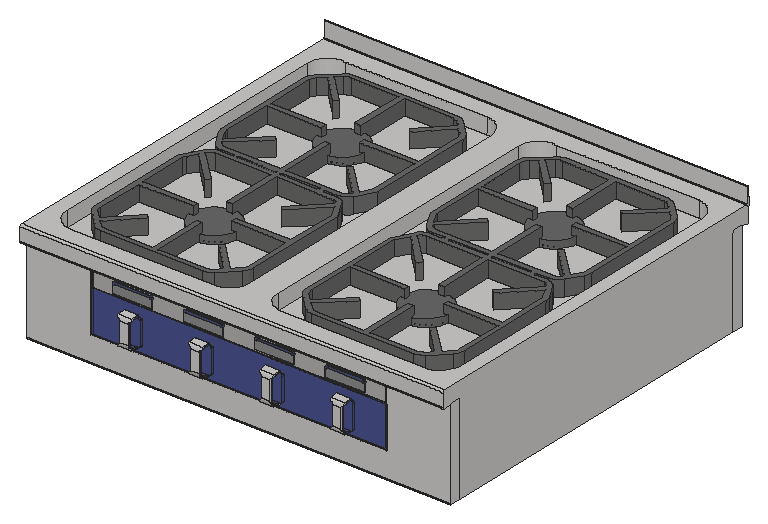
Revit family "QF_ELECTROLUXPROFESSIONAL_589072_MCGHABJOPO", category Specialty Equipment, Revit 2018
Family settings
  Round Connector Dimension = Use Diameter
  Part Type = Normal
  Work Plane-Based = No
  Always vertical = Yes
  Cut with Voids When Loaded = No
  Shared = No
  Room Calculation Point = No
Parameters
  Weight in Pounds = 180.77
  Watts = 0 W
  URL Cutsheet = ""
  Type Mark [instance] = ""
  Status [instance] = ""
  Specification by User [instance] = ""
  Specification by Manufacturer = ""
  Serial Number = ""
  Seismic Rating = ""
  SMACNA No = ""
  Revision Code [instance] = ""
  Omniclass Number and Title = ""
  NAFEM Spec ID Number = ""
  Model = "589072"
  Mechanical Remarks [instance] = ""
  Mechanical Connection Type [instance] = ""
  Masterspec = ""
  Manufacturer = "ELECTROLUX"
  Item Number [instance] = ""
  Installed By [instance] = ""
  Identify Quantity as Lot [instance] = yes
  HP = "0 HP"
  Gas Size = 1/2"
  Gas RI Height [instance] = 0 mm
  Gas KW = 40
  Gas Input = 136360.0 Btu/h
  Gas Connection Height [instance] = 0 mm
  Furnished By [instance] = ""
  Foodservice Equipment Identifier [instance] = yes
  Direct Waste Size = 0"
  Description = "GAS TOP,4 BURNERS,1-S,BSPL,1000X900X250H"
  CSI MasterFormat = ""
  CSI Master Format = ""
  Back Panel [instance] = yes
Reference planes
  plane 1 "BACK": y = 0
  plane 2: z = 0
  plane 3 "LEFT": x = 0
  plane 4 "RIGHT": x = 1000
  plane 5 "FRONT": y = -900
  plane 6 "TOP": z = 250
  plane 7: x = 500
  plane 8: y = -450
  plane 9: z = 288.006
  plane 10: x = 965
  plane 11: y = -60.425
Forms (mm)
  Extrusion 1, solid, material "QF_Finishes_Stainless Steel"
    sketch origin (0, -487.128, 0) x (0, 1, 0) y (0, 0, 1)
      loop
        line (483.128, 250) -> (-408.872, 250)
        arc (-408.872, 250) -> (-411.7, 248.828) -> (-412.872, 246) r 4
        line (-412.872, 246) -> (-412.872, 214)
        arc (-412.872, 214) -> (-411.437, 210.931) -> (-408.161, 210.064) r 4
        line (-408.161, 210.064) -> (-392.872, 213) -> (-367.872, 213) -> (-367.872, 0) -> (441.714, 0) -> (441.714, 213) -> (465.765, 213) -> (482.433, 210.061)
        arc (482.433, 210.061) -> (485.699, 210.936) -> (487.128, 214) r 4
        line (487.128, 214) -> (487.128, 246)
        arc (487.128, 246) -> (485.956, 248.828) -> (483.128, 250) r 4
    from 0 to 1000
  Extrusion 2, solid, material "QF_Finishes_Stainless Steel", visible <- "Back Panel"
    sketch origin (0, 0.586, 0) x (0, 1, 0) y (0, 0, 1)
      loop
        line (-46, 0) -> (-21, 0) -> (-21, 212.833) -> (-21.949, 213) -> (-46, 213) -> (-46, 0)
    from 0 to 1000
  Extrusion 3, void
    sketch origin (653.786, 44.048, 250) x (1, 0, 0) y (0, -1, 0)
      loop
        line (-570.234, 89.462) -> (-234.333, 89.462)
        arc (-234.333, 89.462) -> (-199.707, 103.805) -> (-185.364, 138.432) r 48.97
        line (-185.364, 138.432) -> (-185.364, 850.078)
        arc (-185.364, 850.078) -> (-199.707, 884.705) -> (-234.333, 899.048) r 48.97
        line (-234.333, 899.048) -> (-570.234, 899.048)
        arc (-570.234, 899.048) -> (-605.59, 884.403) -> (-620.234, 849.048) r 50
        line (-620.234, 849.048) -> (-620.234, 139.462)
        arc (-620.234, 139.462) -> (-605.59, 104.107) -> (-570.234, 89.462) r 50
      loop
        line (264.679, 899.048) -> (-71.222, 899.048)
        arc (-71.222, 899.048) -> (-106.577, 884.403) -> (-121.222, 849.048) r 50
        line (-121.222, 849.048) -> (-121.222, 139.462)
        arc (-121.222, 139.462) -> (-106.577, 104.107) -> (-71.222, 89.462) r 50
        line (-71.222, 89.462) -> (264.679, 89.462)
        arc (264.679, 89.462) -> (299.306, 103.805) -> (313.649, 138.432) r 48.97
        line (313.649, 138.432) -> (313.649, 850.078)
        arc (313.649, 850.078) -> (299.306, 884.705) -> (264.679, 899.048) r 48.97
    from 0 to 37
  Extrusion 4, solid, material "QF_Finishes_Stainless Steel"
    sketch origin (10, -759, 0) x (1, 0, 0) y (0, -1, 0)
      loop
        circle (955, -169) r 6.35
    from 0 to 3.2
  Extrusion 5, solid, material "QF_Finishes_Stainless Steel"
    sketch origin (0, -950.048, 0) x (0, -1, 0) y (0, 0, -1)
      loop
        arc (-948.097, -252.006) -> (-947.511, -250.592) -> (-946.097, -250.006) r 2
        arc (-946.097, -250.006) -> (-948.877, -248.828) -> (-950.048, -246) r 4
        line (-950.048, -246) -> (-950.048, -288.006) -> (-948.097, -288.006) -> (-948.097, -252.006)
    from 0 to 1000
Cuts and joins
  Extrusion 3 cuts Extrusion 1
Lines and regions (mm)
  symbolic lines
    curve 1: line (0, 0, 0) -> (1000, 0, 0)
    curve 2: line (0, -900, 0) -> (0, 0, 0)
    curve 3: line (1000, -900, 0) -> (0, -900, 0)
    curve 4: line (1000, 0, 0) -> (1000, -900, 0)
    curve 5: arc (83.552, -855, 0) -> (48.197, -840.355, 0) -> (33.552, -805, 0) r 50
    curve 6: line (33.552, -805, 0) -> (33.552, -95.414, 0)
    curve 7: arc (33.552, -95.414, 0) -> (48.197, -60.059, 0) -> (83.552, -45.414, 0) r 50
    curve 8: line (83.552, -45.414, 0) -> (417.592, -45.414, 0)
    curve 9: arc (918.465, -45.414, 0) -> (953.092, -59.757, 0) -> (967.435, -94.384, 0) r 48.97
    curve 10: line (967.435, -94.384, 0) -> (967.435, -806.03, 0)
    curve 11: arc (967.435, -806.03, 0) -> (953.092, -840.657, 0) -> (918.465, -855, 0) r 48.97
    curve 12: line (918.465, -855, 0) -> (582.408, -855, 0)
    curve 13: line (582.408, -45.414, 0) -> (918.465, -45.414, 0)
    curve 14: line (417.592, -855, 0) -> (83.552, -855, 0)
    curve 15: arc (582.408, -855, 0) -> (547.053, -840.355, 0) -> (532.408, -805, 0) r 50
    curve 16: line (532.408, -805, 0) -> (532.408, -95.414, 0)
    curve 17: arc (532.408, -95.414, 0) -> (547.053, -60.059, 0) -> (582.408, -45.414, 0) r 50
    curve 18: arc (417.592, -855, 0) -> (452.947, -840.355, 0) -> (467.592, -805, 0) r 50
    curve 19: line (467.592, -805, 0) -> (467.592, -95.414, 0)
    curve 20: arc (467.592, -95.414, 0) -> (452.947, -60.059, 0) -> (417.592, -45.414, 0) r 50
    curve 21: line (0, -1.951, 0) -> (1000, -1.951, 0)
Dimensions and locks
  plane 3 "LEFT" to plane 4 "RIGHT" = 1000 mm
  plane 5 "FRONT" to plane 1 "BACK" = 900 mm
  equal spacing: plane 3 "LEFT", plane 7, plane 4 "RIGHT"
  equal spacing: plane 5 "FRONT", plane 8, plane 1 "BACK"
  plane 6 "TOP" to level = 250 mm  (x2)
  plane 1 "BACK" to plane 5 "FRONT" = 900 mm
  Extrusion 4 sketch curve to plane 1 "BACK" = 590 mm
  Extrusion 4 sketch curve to plane 4 "RIGHT" = 35 mm
  plane 1 "BACK" to Extrusion 4 = 590 mm
  plane 10 to plane 4 "RIGHT" = 35 mm
  plane 9 to plane 6 "TOP" = 38.006 mm
  plane 9 to level = 288.006 mm
  aligned and locked: level to plane 2
  aligned and locked: Extrusion 1 to plane 4 "RIGHT"
Automatic sketch dimensions
  Extrusion 1 sketch curve to plane 5 "FRONT" = 0 mm
  Extrusion 1 sketch curve to plane 6 "TOP" = 0 mm
  Extrusion 1 sketch curve to level = 0 mm
  Extrusion 1 sketch curve to plane 1 "BACK" = 0 mm
  Extrusion 1 sketch curve to plane 6 "TOP" = 37 mm  (x2)
  Extrusion 1 sketch curve to plane 5 "FRONT" = 4 mm
  Extrusion 1 sketch curve to plane 5 "FRONT" = 20 mm
  Extrusion 1 sketch curve to plane 5 "FRONT" = 45 mm
  plane 1 "BACK" to Extrusion 1 sketch curve = 21.363 mm
  plane 1 "BACK" to Extrusion 1 sketch curve = 4 mm  (x2)
  Extrusion 1 sketch curve to Extrusion 1 sketch curve = 4 mm
  Extrusion 1 sketch curve to Extrusion 1 sketch curve = 0.711 mm
  plane 1 "BACK" to Extrusion 1 sketch curve = 4.695 mm
  Extrusion 1 sketch curve to Extrusion 1 sketch curve = 0 mm  (x2)
  Extrusion 1 sketch curve to Extrusion 1 sketch curve = 1 mm  (x2)
  plane 1 "BACK" to Extrusion 1 sketch curve = 45.414 mm
  Extrusion 2 sketch curve to level = 0 mm
  plane 11 to Extrusion 2 sketch curve = 15.012 mm
  Extrusion 2 sketch curve to plane 6 "TOP" = 37.167 mm
  Extrusion 2 sketch curve to Extrusion 2 sketch curve = 0.949 mm
  plane 1 "BACK" to Extrusion 2 sketch curve = 20.414 mm
  Extrusion 2 sketch curve to plane 6 "TOP" = 37 mm
  Extrusion 5 sketch curve to plane 1 "BACK" = 0 mm  (x2)
  Extrusion 5 sketch curve to plane 6 "TOP" = 2.006 mm
  Extrusion 5 sketch curve to plane 6 "TOP" = 0 mm
  Extrusion 5 sketch curve to Extrusion 5 sketch curve = 1.951 mm
  Extrusion 5 sketch curve to Extrusion 5 sketch curve = 2 mm
  Extrusion 5 sketch curve to Extrusion 5 sketch curve = 0.049 mm
  Extrusion 5 sketch curve to Extrusion 5 sketch curve = 36 mm
  Extrusion 5 sketch curve to Extrusion 5 sketch curve = 0 mm
  plane 1 "BACK" to curve 1 = 0 mm
  curve 1 to plane 4 "RIGHT" = 0 mm
  curve 2 to plane 3 "LEFT" = 0 mm
  plane 5 "FRONT" to curve 2 = 0 mm
  curve 21 to plane 3 "LEFT" = 0 mm
  curve 10 to plane 10 = 2.435 mm
  plane 10 to curve 12 = 46.535 mm
  plane 11 to curve 13 = 15.012 mm
  plane 10 to curve 13 = 46.535 mm
  plane 7 to curve 12 = 82.408 mm
  plane 7 to curve 13 = 82.408 mm
  plane 7 to curve 16 = 32.408 mm
  curve 19 to plane 7 = 32.408 mm
  curve 14 to plane 5 "FRONT" = 45 mm
  curve 19 to curve 14 = 50 mm
  plane 11 to curve 8 = 15.012 mm
  curve 19 to curve 8 = 50 mm
  plane 3 "LEFT" to curve 8 = 83.552 mm
  plane 3 "LEFT" to curve 14 = 83.552 mm
  plane 3 "LEFT" to curve 6 = 33.552 mm
  curve 18 to curve 16 = 0 mm
  curve 1 to curve 21 = 1.951 mm
  Extrusion 1 to Extrusion 3 sketch curve = 33.552 mm
  Extrusion 1 to Extrusion 3 sketch curve = 41 mm  (x2)
  Extrusion 3 sketch curve to Extrusion 3 sketch curve = 50 mm  (x4)
  Extrusion 1 to Extrusion 3 sketch curve = 41.414 mm
  Extrusion 3 sketch curve to Extrusion 3 sketch curve = 335.901 mm  (x2)
  Extrusion 3 sketch curve to Extrusion 3 sketch curve = 48.97 mm
  Extrusion 3 sketch curve to Extrusion 3 sketch curve = 64.142 mm
  Extrusion 1 to Extrusion 3 sketch curve = 81.535 mm  (x2)
  Extrusion 1 to Extrusion 3 sketch curve = 32.565 mm
  Extrusion 3 sketch curve to Extrusion 3 sketch curve = 1.03 mm
  radius of Extrusion 4 sketch curve = 6.35 mm
Nested families
  nested 1: "OBT_900_Open Burner" at (250, -450.207, -649.319), type "OBT_900_Open Burner"
  nested 2: "OBT_900_Open Burner" at (750, -450.207, -649.319) x (-1, 0, 0) z (0, 0, 1), type "OBT_900_Open Burner"
  nested 3: "EG_900_1000_Four Range Control Handle Front Panel" at (202.376, -855, -650), type "EG_900_1000_Four Range Control Handle Front Panel"
Connectors
  piping at (965, -590, -3.2), diameter 12.8
    settings: on Extrusion 4, index 1, connector inside diameter 0.50394", connector length 0 mm, flow factor 0, pipe flow 0 GPM, pressure drop 0.00 psi, fitting loss kfactor 0, connector angle 0.00°, fixture units 0, engagement length 0 mm, angle of deflection 0.00°, flow configuration 1, flow direction 1, fitting loss method 0, system type 7, joint type 0, gender type 0, connector reference index -1, connector utility 0, adjustable connector no, is connector primary yes, connector description "GAS CONNECTION"
Definition of nested family "OBT_900_Open Burner"
  Reference planes
    plane 1 "Center (Front/Back)": y = 0
    plane 2: z = 0
    plane 3 "Center (Left/Right)": x = 0
    plane 4: x = -186.448
    plane 5: x = 187.435
    plane 6: y = 374.793
    plane 7: y = -374.793
    plane 8: y = -188.326
  Forms (mm)
    Extrusion 1, solid
      sketch origin (2130.573, 56.896, -679.622) x (1, 0, 0) y (0, 1, 0)
        loop
          line (-2137.44, 306.49) -> (-2250.793, 306.49)
          arc (-2250.793, 306.49) -> (-2257.908, 305.075) -> (-2263.94, 301.044) r 18.593
          line (-2263.94, 301.044) -> (-2276.233, 288.751) -> (-2213.48, 225.998) -> (-2221.6, 217.877) -> (-2284.354, 280.631) -> (-2300.33, 264.654)
          arc (-2300.33, 264.654) -> (-2304.433, 258.337) -> (-2305.614, 250.897) r 18.125
          line (-2305.614, 250.897) -> (-2305.614, 138.422) -> (-2175.79, 138.422) -> (-2175.79, 126.938) -> (-2305.614, 126.938) -> (-2305.614, 10.897)
          arc (-2305.614, 10.897) -> (-2304.981, 6.085) -> (-2303.123, 1.601) r 18.593
          line (-2303.123, 1.601) -> (-2290.078, -20.994) -> (-2221.6, 47.483) -> (-2213.48, 39.363) -> (-2284.012, -31.169)
          arc (-2284.012, -31.169) -> (-2278.546, -38.527) -> (-2270.23, -42.379) r 18.593
          line (-2270.23, -42.379) -> (-2137.44, -42.379) -> (-2137.44, 87.464) -> (-2123.707, 87.464) -> (-2123.707, -42.379) -> (-1989.813, -42.379)
          arc (-1989.813, -42.379) -> (-1981.496, -38.527) -> (-1976.031, -31.169) r 18.593
          line (-1976.031, -31.169) -> (-2047.115, 39.915) -> (-2038.994, 48.035) -> (-1969.962, -20.997) -> (-1954.428, 5.916) -> (-1954.428, 126.938) -> (-2085.357, 126.938) -> (-2085.357, 138.422) -> (-1954.428, 138.422) -> (-1954.428, 247.888)
          arc (-1954.428, 247.888) -> (-1956.538, 258.496) -> (-1962.547, 267.489) r 27.72
          line (-1962.547, 267.489) -> (-1975.689, 280.631) -> (-2038.994, 217.325) -> (-2047.115, 225.446) -> (-1983.809, 288.751) -> (-1996.102, 301.044)
          arc (-1996.102, 301.044) -> (-2002.134, 305.075) -> (-2009.25, 306.49) r 18.593
          line (-2009.25, 306.49) -> (-2123.707, 306.49) -> (-2123.707, 177.897) -> (-2137.44, 177.897) -> (-2137.44, 306.49)
        loop
          arc (-2317.021, 10.897) -> (-2315.999, 3.132) -> (-2313.002, -4.103) r 30
          line (-2313.002, -4.103) -> (-2292.795, -39.103)
          arc (-2292.795, -39.103) -> (-2281.814, -50.084) -> (-2266.814, -54.103) r 30
          line (-2266.814, -54.103) -> (-2239.287, -54.103)
          arc (-2239.287, -54.103) -> (-2238.243, -56) -> (-2236.272, -56.896) r 3.438
          arc (-2236.272, -56.896) -> (-2238.243, -57.792) -> (-2239.287, -59.689) r 3.438
          line (-2239.287, -59.689) -> (-2266.814, -59.689)
          arc (-2266.814, -59.689) -> (-2281.814, -63.708) -> (-2292.795, -74.689) r 30
          line (-2292.795, -74.689) -> (-2313.002, -109.689)
          arc (-2313.002, -109.689) -> (-2315.999, -116.924) -> (-2317.021, -124.689) r 30
          line (-2317.021, -124.689) -> (-2317.021, -365.461)
          arc (-2317.021, -365.461) -> (-2314.738, -376.941) -> (-2308.234, -386.674) r 30
          line (-2308.234, -386.674) -> (-2271.975, -422.933)
          arc (-2271.975, -422.933) -> (-2262.253, -429.414) -> (-2250.793, -431.689) r 30
          line (-2250.793, -431.689) -> (-2009.25, -431.689)
          arc (-2009.25, -431.689) -> (-1997.786, -429.412) -> (-1988.062, -422.928) r 30
          line (-1988.062, -422.928) -> (-1951.808, -386.674)
          arc (-1951.808, -386.674) -> (-1945.305, -376.941) -> (-1942.982, -365.461) r 30
          line (-1942.982, -365.461) -> (-1942.982, -116.719) -> (-1967.248, -74.689)
          arc (-1967.248, -74.689) -> (-1978.229, -63.708) -> (-1993.229, -59.689) r 30
          line (-1993.229, -59.689) -> (-2020.319, -59.689)
          arc (-2020.319, -59.689) -> (-2021.979, -57.759) -> (-2024.375, -56.896) r 5
          arc (-2024.375, -56.896) -> (-2021.979, -56.033) -> (-2020.319, -54.103) r 5
          line (-2020.319, -54.103) -> (-1993.229, -54.103)
          arc (-1993.229, -54.103) -> (-1978.229, -50.084) -> (-1967.248, -39.103) r 30
          line (-1967.248, -39.103) -> (-1943.138, 2.656) -> (-1943.138, 254.314)
          arc (-1943.138, 254.314) -> (-1945.839, 264.361) -> (-1951.808, 272.882) r 30
          line (-1951.808, 272.882) -> (-1988.062, 309.136)
          arc (-1988.062, 309.136) -> (-1997.786, 315.62) -> (-2009.25, 317.897) r 30
          line (-2009.25, 317.897) -> (-2250.793, 317.897)
          arc (-2250.793, 317.897) -> (-2262.253, 315.622) -> (-2271.975, 309.141) r 30
          line (-2271.975, 309.141) -> (-2308.234, 272.882)
          arc (-2308.234, 272.882) -> (-2314.738, 263.149) -> (-2317.021, 251.669) r 30
          line (-2317.021, 251.669) -> (-2317.021, 10.897)
        loop
          arc (-2122.397, -54.103) -> (-2124.057, -56.033) -> (-2126.452, -56.896) r 5
          arc (-2126.452, -56.896) -> (-2124.057, -57.759) -> (-2122.397, -59.689) r 5
          line (-2122.397, -59.689) -> (-2035.829, -59.689)
          arc (-2035.829, -59.689) -> (-2034.784, -57.792) -> (-2032.813, -56.896) r 3.438
          arc (-2032.813, -56.896) -> (-2034.784, -56) -> (-2035.829, -54.103) r 3.438
          line (-2035.829, -54.103) -> (-2122.397, -54.103)
        loop
          arc (-2223.778, -54.103) -> (-2225.438, -56.033) -> (-2227.833, -56.896) r 5
          arc (-2227.833, -56.896) -> (-2225.438, -57.759) -> (-2223.778, -59.689) r 5
          line (-2223.778, -59.689) -> (-2137.906, -59.689)
          arc (-2137.906, -59.689) -> (-2136.862, -57.792) -> (-2134.891, -56.896) r 3.438
          arc (-2134.891, -56.896) -> (-2136.862, -56) -> (-2137.906, -54.103) r 3.438
          line (-2137.906, -54.103) -> (-2223.778, -54.103)
        loop
          line (-2137.44, -420.282) -> (-2137.44, -290.439) -> (-2123.707, -290.439) -> (-2123.707, -420.282) -> (-2009.25, -420.282)
          arc (-2009.25, -420.282) -> (-2002.134, -418.867) -> (-1996.102, -414.836) r 18.593
          line (-1996.102, -414.836) -> (-1983.184, -401.918) -> (-2047.115, -337.988) -> (-2038.994, -329.867) -> (-1975.064, -393.798) -> (-1962.547, -381.281)
          arc (-1962.547, -381.281) -> (-1956.538, -372.288) -> (-1954.428, -361.68) r 27.72
          line (-1954.428, -361.68) -> (-1954.428, -250.964) -> (-2085.357, -250.964) -> (-2085.357, -239.48) -> (-1954.428, -239.48) -> (-1954.428, -119.708) -> (-1970.42, -92.003) -> (-2038.994, -160.577) -> (-2047.115, -152.457) -> (-1976.413, -81.755)
          arc (-1976.413, -81.755) -> (-1981.868, -74.971) -> (-1989.813, -71.413) r 18.593
          line (-1989.813, -71.413) -> (-2123.707, -71.413) -> (-2123.707, -200.006) -> (-2137.44, -200.006) -> (-2137.44, -71.413) -> (-2270.23, -71.413)
          arc (-2270.23, -71.413) -> (-2278.175, -74.971) -> (-2283.629, -81.755) r 18.593
          line (-2283.629, -81.755) -> (-2213.48, -151.905) -> (-2221.6, -160.025) -> (-2289.62, -92.005) -> (-2303.123, -115.393)
          arc (-2303.123, -115.393) -> (-2304.981, -119.877) -> (-2305.614, -124.689) r 18.593
          line (-2305.614, -124.689) -> (-2305.614, -239.48) -> (-2175.79, -239.48) -> (-2175.79, -250.964) -> (-2305.614, -250.964) -> (-2305.614, -364.689)
          arc (-2305.614, -364.689) -> (-2304.433, -372.129) -> (-2300.33, -378.446) r 18.125
          line (-2300.33, -378.446) -> (-2284.979, -393.798) -> (-2221.6, -330.419) -> (-2213.48, -338.54) -> (-2276.858, -401.918) -> (-2263.94, -414.836)
          arc (-2263.94, -414.836) -> (-2257.908, -418.867) -> (-2250.793, -420.282) r 18.593
          line (-2250.793, -420.282) -> (-2137.44, -420.282)
      from 1542.072 to 1578.941
    Extrusion 2, solid
      sketch origin (2130.573, 61.122, 0) x (1, 0, 0) y (0, 1, 0)
        loop
          circle (-2130.573, -249.448) r 55
        loop
          circle (-2130.573, 128.455) r 55
      from 862.45 to 879.837
    Extrusion 3, void
      sketch origin (-124.371, -355.785, -22.784) x (-0.587785, -0.809017, 0) y (0, 0, 1)
        loop
          circle (-213.495, 891.283) r 1
      from -67.69 to -35.114
    Extrusion 4, void
      sketch origin (-89.903, -376.417, -22.784) x (-0.422618, -0.906308, 0) y (0, 0, 1)
        loop
          circle (-213.495, 891.283) r 1
      from -74.826 to -35.114
    Extrusion 5, void
      sketch origin (-52.131, -390.093, -22.784) x (-0.241922, -0.970296, 0) y (0, 0, 1)
        loop
          circle (-213.495, 891.283) r 1
      from -67.69 to -35.114
    Extrusion 6, void
      sketch origin (27.702, -394.842, -22.784) x (0.139173, -0.990268, 0) y (0, 0, 1)
        loop
          circle (-213.495, 891.283) r 1
      from -67.69 to -35.114
    Extrusion 7, void
      sketch origin (66.829, -385.74, -22.784) x (0.325568, -0.945519, 0) y (0, 0, 1)
        loop
          circle (-213.495, 891.283) r 1
      from -67.69 to -35.114
    Extrusion 8, void
      sketch origin (103.5, -369.339, -22.784) x (0.5, -0.866025, 0) y (0, 0, 1)
        loop
          circle (-213.495, 891.283) r 1
      from -67.69 to -35.114
    Extrusion 9, void
      sketch origin (136.368, -346.242, -22.784) x (0.656059, -0.75471, 0) y (0, 0, 1)
        loop
          circle (-213.495, 891.283) r 1
      from -67.69 to -35.114
    Extrusion 10, void
      sketch origin (164.225, -317.298, -22.784) x (0.788011, -0.615661, 0) y (0, 0, 1)
        loop
          circle (-213.495, 891.283) r 1
      from -67.69 to -35.114
    Extrusion 11, void
      sketch origin (186.048, -283.571, -22.784) x (0.891007, -0.45399, 0) y (0, 0, 1)
        loop
          circle (-213.495, 891.283) r 1
      from -67.69 to -35.114
    Extrusion 12, void
      sketch origin (201.034, -246.299, -22.784) x (0.961262, -0.275637, 0) y (0, 0, 1)
        loop
          circle (-213.495, 891.283) r 1
      from -67.69 to -35.114
    Extrusion 13, void
      sketch origin (208.566, -166.681, -22.784) x (0.994522, 0.104528, 0) y (0, 0, 1)
        loop
          circle (-213.495, 891.283) r 1
      from -67.69 to -35.114
    Extrusion 14, void
      sketch origin (200.835, -127.26, -22.784) x (0.956305, 0.292372, 0) y (0, 0, 1)
        loop
          circle (-213.495, 891.283) r 1
      from -67.69 to -35.114
    Extrusion 15, void
      sketch origin (185.724, -90.039, -22.784) x (0.882948, 0.469472, 0) y (0, 0, 1)
        loop
          circle (-213.495, 891.283) r 1
      from -67.69 to -35.114
    Extrusion 16, void
      sketch origin (163.788, -56.385, -22.784) x (0.777146, 0.62932, 0) y (0, 0, 1)
        loop
          circle (-213.495, 891.283) r 1
      from -67.69 to -35.114
    Extrusion 17, void
      sketch origin (135.834, -27.534, -22.784) x (0.642788, 0.766044, 0) y (0, 0, 1)
        loop
          circle (-213.495, 891.283) r 1
      from -67.69 to -35.114
    Extrusion 18, void
      sketch origin (102.889, -4.548, -22.784) x (0.48481, 0.87462, 0) y (0, 0, 1)
        loop
          circle (-213.495, 891.283) r 1
      from -67.69 to -35.114
    Extrusion 19, void
      sketch origin (66.163, 11.73, -22.784) x (0.309017, 0.951057, 0) y (0, 0, 1)
        loop
          circle (-213.495, 891.283) r 1
      from -67.69 to -35.114
    Extrusion 20, void
      sketch origin (-52.811, 15.685, -22.784) x (-0.258819, 0.965926, 0) y (0, 0, 1)
        loop
          circle (-213.495, 891.283) r 1
      from -67.69 to -35.114
    Extrusion 21, void
      sketch origin (-90.537, 1.882, -22.784) x (-0.438371, 0.898794, 0) y (0, 0, 1)
        loop
          circle (-213.495, 891.283) r 1
      from -67.69 to -35.114
    Extrusion 22, void
      sketch origin (-124.936, -18.865, -22.784) x (-0.601815, 0.798636, 0) y (0, 0, 1)
        loop
          circle (-213.495, 891.283) r 1
      from -67.69 to -35.114
    Extrusion 23, void
      sketch origin (-154.744, -45.796, -22.784) x (-0.743145, 0.669131, 0) y (0, 0, 1)
        loop
          circle (-213.495, 891.283) r 1
      from -67.69 to -35.114
    Extrusion 24, void
      sketch origin (-178.866, -77.919, -22.784) x (-0.857167, 0.515038, 0) y (0, 0, 1)
        loop
          circle (-213.495, 891.283) r 1
      from -67.69 to -35.114
    Extrusion 25, void
      sketch origin (-196.416, -114.054, -22.784) x (-0.939693, 0.34202, 0) y (0, 0, 1)
        loop
          circle (-213.495, 891.283) r 1
      from -67.69 to -35.114
    Extrusion 26, void
      sketch origin (-204.521, -232.817, -22.784) x (-0.97437, -0.224951, 0) y (0, 0, 1)
        loop
          circle (-213.495, 891.283) r 1
      from -67.69 to -35.114
    Extrusion 27, void
      sketch origin (-192.043, -271.002, -22.784) x (-0.913545, -0.406737, 0) y (0, 0, 1)
        loop
          circle (-213.495, 891.283) r 1
      from -67.69 to -35.114
    Extrusion 28, void
      sketch origin (-172.509, -306.104, -22.784) x (-0.819152, -0.573576, 0) y (0, 0, 1)
        loop
          circle (-213.495, 891.283) r 1
      from -67.69 to -35.114
    Extrusion 29, void
      sketch origin (-146.635, -336.834, -22.784) x (-0.694658, -0.71934, 0) y (0, 0, 1)
        loop
          circle (-213.495, 891.283) r 1
      from -67.69 to -35.114
    Extrusion 30, void
      sketch origin (-124.371, 22.118, -22.784) x (-0.587785, -0.809017, 0) y (0, 0, 1)
        loop
          circle (-213.495, 891.283) r 1
      from -67.69 to -35.114
    Extrusion 31, void
      sketch origin (-89.903, 1.485, -22.784) x (-0.422618, -0.906308, 0) y (0, 0, 1)
        loop
          circle (-213.495, 891.283) r 1
      from -74.826 to -35.114
    Extrusion 32, void
      sketch origin (-52.131, -12.191, -22.784) x (-0.241922, -0.970296, 0) y (0, 0, 1)
        loop
          circle (-213.495, 891.283) r 1
      from -67.69 to -35.114
    Extrusion 33, void
      sketch origin (27.702, -16.939, -22.784) x (0.139173, -0.990268, 0) y (0, 0, 1)
        loop
          circle (-213.495, 891.283) r 1
      from -67.69 to -35.114
    Extrusion 34, void
      sketch origin (66.829, -7.837, -22.784) x (0.325568, -0.945519, 0) y (0, 0, 1)
        loop
          circle (-213.495, 891.283) r 1
      from -67.69 to -35.114
    Extrusion 35, void
      sketch origin (103.5, 8.564, -22.784) x (0.5, -0.866025, 0) y (0, 0, 1)
        loop
          circle (-213.495, 891.283) r 1
      from -67.69 to -35.114
    Extrusion 36, void
      sketch origin (136.368, 31.66, -22.784) x (0.656059, -0.75471, 0) y (0, 0, 1)
        loop
          circle (-213.495, 891.283) r 1
      from -67.69 to -35.114
    Extrusion 37, void
      sketch origin (164.225, 60.604, -22.784) x (0.788011, -0.615661, 0) y (0, 0, 1)
        loop
          circle (-213.495, 891.283) r 1
      from -67.69 to -35.114
    Extrusion 38, void
      sketch origin (186.048, 94.332, -22.784) x (0.891007, -0.45399, 0) y (0, 0, 1)
        loop
          circle (-213.495, 891.283) r 1
      from -67.69 to -35.114
    Extrusion 39, void
      sketch origin (201.034, 131.603, -22.784) x (0.961262, -0.275637, 0) y (0, 0, 1)
        loop
          circle (-213.495, 891.283) r 1
      from -67.69 to -35.114
    Extrusion 40, void
      sketch origin (208.566, 211.222, -22.784) x (0.994522, 0.104528, 0) y (0, 0, 1)
        loop
          circle (-213.495, 891.283) r 1
      from -67.69 to -35.114
    Extrusion 41, void
      sketch origin (200.835, 250.642, -22.784) x (0.956305, 0.292372, 0) y (0, 0, 1)
        loop
          circle (-213.495, 891.283) r 1
      from -67.69 to -35.114
    Extrusion 42, void
      sketch origin (185.724, 287.864, -22.784) x (0.882948, 0.469472, 0) y (0, 0, 1)
        loop
          circle (-213.495, 891.283) r 1
      from -67.69 to -35.114
    Extrusion 43, void
      sketch origin (163.788, 321.518, -22.784) x (0.777146, 0.62932, 0) y (0, 0, 1)
        loop
          circle (-213.495, 891.283) r 1
      from -67.69 to -35.114
    Extrusion 44, void
      sketch origin (135.834, 350.368, -22.784) x (0.642788, 0.766044, 0) y (0, 0, 1)
        loop
          circle (-213.495, 891.283) r 1
      from -67.69 to -35.114
    Extrusion 45, void
      sketch origin (102.889, 373.355, -22.784) x (0.48481, 0.87462, 0) y (0, 0, 1)
        loop
          circle (-213.495, 891.283) r 1
      from -67.69 to -35.114
    Extrusion 46, void
      sketch origin (66.163, 389.633, -22.784) x (0.309017, 0.951057, 0) y (0, 0, 1)
        loop
          circle (-213.495, 891.283) r 1
      from -67.69 to -35.114
    Extrusion 47, void
      sketch origin (-52.811, 393.588, -22.784) x (-0.258819, 0.965926, 0) y (0, 0, 1)
        loop
          circle (-213.495, 891.283) r 1
      from -67.69 to -35.114
    Extrusion 48, void
      sketch origin (-90.537, 379.785, -22.784) x (-0.438371, 0.898794, 0) y (0, 0, 1)
        loop
          circle (-213.495, 891.283) r 1
      from -67.69 to -35.114
    Extrusion 49, void
      sketch origin (-124.936, 359.037, -22.784) x (-0.601815, 0.798636, 0) y (0, 0, 1)
        loop
          circle (-213.495, 891.283) r 1
      from -67.69 to -35.114
    Extrusion 50, void
      sketch origin (-154.744, 332.107, -22.784) x (-0.743145, 0.669131, 0) y (0, 0, 1)
        loop
          circle (-213.495, 891.283) r 1
      from -67.69 to -35.114
    Extrusion 51, void
      sketch origin (-178.866, 299.984, -22.784) x (-0.857167, 0.515038, 0) y (0, 0, 1)
        loop
          circle (-213.495, 891.283) r 1
      from -67.69 to -35.114
    Extrusion 52, void
      sketch origin (-196.416, 263.848, -22.784) x (-0.939693, 0.34202, 0) y (0, 0, 1)
        loop
          circle (-213.495, 891.283) r 1
      from -67.69 to -35.114
    Extrusion 53, void
      sketch origin (-204.521, 145.086, -22.784) x (-0.97437, -0.224951, 0) y (0, 0, 1)
        loop
          circle (-213.495, 891.283) r 1
      from -67.69 to -35.114
    Extrusion 54, void
      sketch origin (-192.043, 106.901, -22.784) x (-0.913545, -0.406737, 0) y (0, 0, 1)
        loop
          circle (-213.495, 891.283) r 1
      from -67.69 to -35.114
    Extrusion 55, void
      sketch origin (-172.509, 71.798, -22.784) x (-0.819152, -0.573576, 0) y (0, 0, 1)
        loop
          circle (-213.495, 891.283) r 1
      from -67.69 to -35.114
    Extrusion 56, void
      sketch origin (-146.635, 41.068, -22.784) x (-0.694658, -0.71934, 0) y (0, 0, 1)
        loop
          circle (-213.495, 891.283) r 1
      from -67.69 to -35.114
  Cuts and joins
    Extrusion 3, Extrusion 4, Extrusion 5, Extrusion 6, Extrusion 7, Extrusion 8, Extrusion 9, Extrusion 10, Extrusion 11, Extrusion 12, Extrusion 13, Extrusion 14, Extrusion 15, Extrusion 16, Extrusion 17, Extrusion 18, Extrusion 19, Extrusion 20, Extrusion 21, Extrusion 22, Extrusion 23, Extrusion 24, Extrusion 25, Extrusion 26, Extrusion 27, Extrusion 28, Extrusion 29, Extrusion 30, Extrusion 31, Extrusion 32, Extrusion 33, Extrusion 34, Extrusion 35, Extrusion 36, Extrusion 37, Extrusion 38, Extrusion 39, Extrusion 40, Extrusion 41, Extrusion 42, Extrusion 43, Extrusion 44, Extrusion 45, Extrusion 46, Extrusion 47, Extrusion 48, Extrusion 49, Extrusion 50, Extrusion 51, Extrusion 52, Extrusion 53, Extrusion 54, Extrusion 55, Extrusion 56 cuts Extrusion 2
    Extrusion 32 cuts Extrusion 1
  Lines and regions (mm)
    symbolic lines
      curve 1: arc (54.699, -182.584, 0) -> (39.289, -149.838, 0) -> (6.867, -133.757, 0) r 55
      curve 2: arc (-54.699, -194.068, 0) -> (-39.289, -226.815, 0) -> (-6.867, -242.896, 0) r 55
      curve 3: line (45.217, -194.068, 0) -> (176.145, -194.068, 0)
      curve 4: line (176.145, -194.068, 0) -> (176.145, -304.784, 0)
      curve 5: arc (176.145, -304.784, 0) -> (174.035, -315.392, 0) -> (168.026, -324.385, 0) r 27.72
      curve 6: line (168.026, -324.385, 0) -> (155.51, -336.902, 0)
      curve 7: line (155.51, -336.902, 0) -> (91.579, -272.971, 0)
      curve 8: line (83.459, -281.092, 0) -> (147.389, -345.022, 0)
      curve 9: line (147.389, -345.022, 0) -> (134.471, -357.94, 0)
      curve 10: arc (134.471, -357.94, 0) -> (128.439, -361.971, 0) -> (121.324, -363.386, 0) r 18.593
      curve 11: line (121.324, -363.386, 0) -> (6.867, -363.386, 0)
      curve 12: line (6.867, -363.386, 0) -> (6.867, -233.543, 0)
      curve 13: line (-6.867, -233.543, 0) -> (-6.867, -363.386, 0)
      curve 14: line (-6.867, -363.386, 0) -> (-120.219, -363.386, 0)
      curve 15: arc (-120.219, -363.386, 0) -> (-127.335, -361.971, 0) -> (-133.367, -357.94, 0) r 18.593
      curve 16: line (-133.367, -357.94, 0) -> (-146.285, -345.022, 0)
      curve 17: line (-146.285, -345.022, 0) -> (-82.906, -281.644, 0)
      curve 18: line (-91.027, -273.523, 0) -> (-154.405, -336.902, 0)
      curve 19: line (-154.405, -336.902, 0) -> (-169.757, -321.55, 0)
      curve 20: arc (-169.757, -321.55, 0) -> (-173.86, -315.233, 0) -> (-175.041, -307.793, 0) r 18.125
      curve 21: line (-175.041, -307.793, 0) -> (-175.041, -194.068, 0)
      curve 22: line (-175.041, -194.068, 0) -> (-45.217, -194.068, 0)
      curve 23: line (-45.217, -182.584, 0) -> (-175.041, -182.584, 0)
      curve 24: line (-175.041, -182.584, 0) -> (-175.041, -67.793, 0)
      curve 25: arc (-175.041, -67.793, 0) -> (-174.407, -62.981, 0) -> (-172.55, -58.497, 0) r 18.593
      curve 26: line (-172.55, -58.497, 0) -> (-159.047, -35.109, 0)
      curve 27: line (-159.047, -35.109, 0) -> (-91.027, -103.129, 0)
      curve 28: line (-82.906, -95.009, 0) -> (-153.056, -24.859, 0)
      curve 29: arc (-153.056, -24.859, 0) -> (-147.601, -18.075, 0) -> (-139.656, -14.517, 0) r 18.593
      curve 30: line (-139.656, -14.517, 0) -> (-6.867, -14.517, 0)
      curve 31: line (-6.867, -14.517, 0) -> (-6.867, -143.11, 0)
      curve 32: line (6.867, -143.11, 0) -> (6.867, -14.517, 0)
      curve 33: line (6.867, -14.517, 0) -> (140.761, -14.517, 0)
      curve 34: arc (140.761, -14.517, 0) -> (148.706, -18.075, 0) -> (154.16, -24.859, 0) r 18.593
      curve 35: line (154.16, -24.859, 0) -> (83.459, -95.561, 0)
      curve 36: line (91.579, -103.681, 0) -> (160.154, -35.107, 0)
      curve 37: line (160.154, -35.107, 0) -> (176.145, -62.812, 0)
      curve 38: line (176.145, -62.812, 0) -> (176.145, -182.584, 0)
      curve 39: line (176.145, -182.584, 0) -> (45.217, -182.584, 0)
      curve 40: line (187.592, -59.823, 0) -> (163.326, -17.793, 0)
      curve 41: arc (163.326, -17.793, 0) -> (152.345, -6.812, 0) -> (137.345, -2.793, 0) r 30
      curve 42: line (137.345, -2.793, 0) -> (110.254, -2.793, 0)
      curve 43: arc (110.254, -2.793, 0) -> (108.594, -0.863, 0) -> (106.199, 0, 0) r 5
      curve 44: arc (106.199, 0, 0) -> (108.594, 0.863, 0) -> (110.254, 2.793, 0) r 5
      curve 45: line (110.254, 2.793, 0) -> (137.345, 2.793, 0)
      curve 46: arc (137.345, 2.793, 0) -> (152.345, 6.812, 0) -> (163.326, 17.793, 0) r 30
      curve 47: line (163.326, 17.793, 0) -> (187.435, 59.552, 0)
      curve 48: line (187.435, 59.552, 0) -> (187.435, 311.21, 0)
      curve 49: arc (187.435, 311.21, 0) -> (184.735, 321.257, 0) -> (178.765, 329.778, 0) r 30
      curve 50: line (178.765, 329.778, 0) -> (142.511, 366.032, 0)
      curve 51: arc (142.511, 366.032, 0) -> (132.788, 372.516, 0) -> (121.324, 374.793, 0) r 30
      curve 52: line (121.324, 374.793, 0) -> (-120.219, 374.793, 0)
      curve 53: arc (-120.219, 374.793, 0) -> (-131.68, 372.518, 0) -> (-141.401, 366.037, 0) r 30
      curve 54: line (-141.401, 366.037, 0) -> (-177.661, 329.778, 0)
      curve 55: arc (-177.661, 329.778, 0) -> (-184.164, 320.045, 0) -> (-186.448, 308.565, 0) r 30
      curve 56: line (-186.448, 308.565, 0) -> (-186.448, 67.793, 0)
      curve 57: arc (-186.448, 67.793, 0) -> (-185.426, 60.028, 0) -> (-182.429, 52.793, 0) r 30
      curve 58: line (-182.429, 52.793, 0) -> (-162.221, 17.793, 0)
      curve 59: arc (-162.221, 17.793, 0) -> (-151.241, 6.812, 0) -> (-136.241, 2.793, 0) r 30
      curve 60: line (-136.241, 2.793, 0) -> (-108.714, 2.793, 0)
      curve 61: arc (-108.714, 2.793, 0) -> (-107.669, 0.896, 0) -> (-105.698, 0, 0) r 3.438
      curve 62: arc (-105.698, 0, 0) -> (-107.669, -0.896, 0) -> (-108.714, -2.793, 0) r 3.438
      curve 63: line (-108.714, -2.793, 0) -> (-136.241, -2.793, 0)
      curve 64: arc (-136.241, -2.793, 0) -> (-151.241, -6.812, 0) -> (-162.221, -17.793, 0) r 30
      curve 65: line (-162.221, -17.793, 0) -> (-182.429, -52.793, 0)
      curve 66: arc (-182.429, -52.793, 0) -> (-185.426, -60.028, 0) -> (-186.448, -67.793, 0) r 30
      curve 67: line (-186.448, -67.793, 0) -> (-186.448, -308.565, 0)
      curve 68: arc (-186.448, -308.565, 0) -> (-184.164, -320.045, 0) -> (-177.661, -329.778, 0) r 30
      curve 69: line (-177.661, -329.778, 0) -> (-141.401, -366.037, 0)
      curve 70: arc (-141.401, -366.037, 0) -> (-131.68, -372.518, 0) -> (-120.219, -374.793, 0) r 30
      curve 71: line (-120.219, -374.793, 0) -> (121.324, -374.793, 0)
      curve 72: arc (121.324, -374.793, 0) -> (132.788, -372.516, 0) -> (142.511, -366.032, 0) r 30
      curve 73: line (142.511, -366.032, 0) -> (178.765, -329.778, 0)
      curve 74: arc (178.765, -329.778, 0) -> (185.269, -320.045, 0) -> (187.552, -308.565, 0) r 30
      curve 75: line (187.592, -308.565, 0) -> (187.592, -59.823, 0)
      curve 76: line (94.745, -2.793, 0) -> (8.177, -2.793, 0)
      curve 77: arc (8.177, -2.793, 0) -> (6.517, -0.863, 0) -> (4.121, 0, 0) r 5
      curve 78: arc (4.121, 0, 0) -> (6.517, 0.863, 0) -> (8.177, 2.793, 0) r 5
      curve 79: line (8.177, 2.793, 0) -> (94.745, 2.793, 0)
      curve 80: arc (94.745, 2.793, 0) -> (95.789, 0.896, 0) -> (97.76, 0, 0) r 3.438
      curve 81: arc (97.76, 0, 0) -> (95.789, -0.896, 0) -> (94.745, -2.793, 0) r 3.438
      curve 82: line (-7.333, -2.793, 0) -> (-93.204, -2.793, 0)
      curve 83: arc (-93.204, -2.793, 0) -> (-94.864, -0.863, 0) -> (-97.26, 0, 0) r 5
      curve 84: arc (-97.26, 0, 0) -> (-94.864, 0.863, 0) -> (-93.204, 2.793, 0) r 5
      curve 85: line (-93.204, 2.793, 0) -> (-7.333, 2.793, 0)
      curve 86: arc (-7.333, 2.793, 0) -> (-6.288, 0.896, 0) -> (-4.317, 0, 0) r 3.438
      curve 87: arc (-4.317, 0, 0) -> (-6.288, -0.896, 0) -> (-7.333, -2.793, 0) r 3.438
      curve 88: line (-6.867, 14.517, 0) -> (-139.656, 14.517, 0)
      curve 89: arc (-139.656, 14.517, 0) -> (-147.973, 18.369, 0) -> (-153.438, 25.727, 0) r 18.593
      curve 90: line (-153.438, 25.727, 0) -> (-82.906, 96.259, 0)
      curve 91: line (-91.027, 104.379, 0) -> (-159.504, 35.902, 0)
      curve 92: line (-159.504, 35.902, 0) -> (-172.55, 58.497, 0)
      curve 93: arc (-172.55, 58.497, 0) -> (-174.407, 62.981, 0) -> (-175.041, 67.793, 0) r 18.593
      curve 94: line (-175.041, 67.793, 0) -> (-175.041, 183.834, 0)
      curve 95: line (-175.041, 183.834, 0) -> (-45.217, 183.834, 0)
      curve 96: line (-45.217, 195.318, 0) -> (-175.041, 195.318, 0)
      curve 97: line (-175.041, 195.318, 0) -> (-175.041, 307.793, 0)
      curve 98: arc (-175.041, 307.793, 0) -> (-173.86, 315.233, 0) -> (-169.757, 321.55, 0) r 18.125
      curve 99: line (-169.757, 321.55, 0) -> (-153.78, 337.527, 0)
      curve 100: line (-153.78, 337.527, 0) -> (-91.027, 274.773, 0)
      curve 101: line (-91.027, 274.773, 0) -> (-82.906, 282.894, 0)
      curve 102: line (-82.906, 282.894, 0) -> (-145.66, 345.647, 0)
      curve 103: line (-145.66, 345.647, 0) -> (-133.367, 357.94, 0)
      curve 104: arc (-133.367, 357.94, 0) -> (-127.335, 361.971, 0) -> (-120.219, 363.386, 0) r 18.593
      curve 105: line (-120.219, 363.386, 0) -> (-6.867, 363.386, 0)
      curve 106: line (-6.867, 363.386, 0) -> (-6.867, 234.793, 0)
      curve 107: line (-6.867, 234.793, 0) -> (6.867, 234.793, 0)
      curve 108: line (6.867, 234.793, 0) -> (6.867, 363.386, 0)
      curve 109: line (6.867, 363.386, 0) -> (121.324, 363.386, 0)
      curve 110: arc (121.324, 363.386, 0) -> (128.439, 361.971, 0) -> (134.471, 357.94, 0) r 18.593
      curve 111: line (134.471, 357.94, 0) -> (146.764, 345.647, 0)
      curve 112: line (146.764, 345.647, 0) -> (83.459, 282.342, 0)
      curve 113: line (91.579, 274.221, 0) -> (154.885, 337.527, 0)
      curve 114: line (154.885, 337.527, 0) -> (168.026, 324.385, 0)
      curve 115: arc (168.026, 324.385, 0) -> (174.035, 315.392, 0) -> (176.145, 304.784, 0) r 27.72
      curve 116: line (176.145, 304.784, 0) -> (176.145, 195.318, 0)
      curve 117: line (176.145, 195.318, 0) -> (45.217, 195.318, 0)
      curve 118: line (45.217, 183.834, 0) -> (176.145, 183.834, 0)
      curve 119: line (176.145, 183.834, 0) -> (176.145, 62.812, 0)
      curve 120: line (176.145, 62.812, 0) -> (160.611, 35.899, 0)
      curve 121: line (160.611, 35.899, 0) -> (91.579, 104.931, 0)
      curve 122: line (83.459, 96.811, 0) -> (154.543, 25.727, 0)
      curve 123: arc (154.543, 25.727, 0) -> (149.077, 18.369, 0) -> (140.761, 14.517, 0) r 18.593
      curve 124: line (140.761, 14.517, 0) -> (6.867, 14.517, 0)
      curve 125: line (6.867, 14.517, 0) -> (6.867, 144.36, 0)
      curve 126: line (6.867, 144.36, 0) -> (-6.867, 144.36, 0)
      curve 127: line (-6.867, 144.36, 0) -> (-6.867, 14.517, 0)
      curve 128: arc (-54.699, 183.834, 0) -> (-39.289, 151.088, 0) -> (-6.867, 135.007, 0) r 55
      curve 129: arc (54.699, 195.318, 0) -> (39.289, 228.065, 0) -> (6.867, 244.146, 0) r 55
      curve 130: arc (-6.867, 244.146, 0) -> (-39.289, 228.065, 0) -> (-54.699, 195.318, 0) r 55
      curve 131: arc (6.867, 135.007, 0) -> (39.289, 151.088, 0) -> (54.699, 183.834, 0) r 55
      curve 132: arc (-6.867, -133.757, 0) -> (-39.289, -149.838, 0) -> (-54.699, -182.584, 0) r 55
      curve 133: arc (6.867, -242.896, 0) -> (39.289, -226.815, 0) -> (54.699, -194.068, 0) r 55
      curve 134: line (-45.217, 183.834, 0) -> (-45.217, 195.318, 0)
      curve 135: line (45.217, 195.318, 0) -> (45.217, 183.834, 0)
      curve 136: line (91.579, 274.221, 0) -> (83.459, 282.342, 0)
      curve 137: line (-91.027, 104.379, 0) -> (-82.906, 96.259, 0)
      curve 138: line (91.579, 104.931, 0) -> (83.459, 96.811, 0)
      curve 139: line (-91.027, -103.129, 0) -> (-82.906, -95.009, 0)
      curve 140: line (83.459, -95.561, 0) -> (91.579, -103.681, 0)
      curve 141: line (45.217, -182.584, 0) -> (45.217, -194.068, 0)
      curve 142: line (-6.867, -143.11, 0) -> (6.867, -143.11, 0)
      curve 143: line (-45.217, -194.068, 0) -> (-45.217, -182.584, 0)
      curve 144: line (6.867, -233.543, 0) -> (-6.867, -233.543, 0)
      curve 145: line (91.579, -272.971, 0) -> (83.459, -281.092, 0)
      curve 146: line (-82.906, -281.644, 0) -> (-91.027, -273.523, 0)
  Dimensions and locks
    plane 5 to plane 4 = 373.883 mm
    equal spacing: Extrusion 1 sketch curve, plane 3 "Center (Left/Right)", Extrusion 1 sketch curve
Definition of nested family "EG_900_1000_Four Range Control Handle Front Panel"
  Reference planes
    plane 1 "Center (Front/Back)": y = 0
    plane 2: z = 0
    plane 3 "Center (Left/Right)": x = 297.624
    plane 4: x = -202.376
    plane 5: x = 797.624
    plane 6: y = -45
  Forms (mm)
    Extrusion 1, solid
      sketch origin (833.217, 829.203, -1.25) x (0, 1, 0) y (0, 0, 1)
        loop
          arc (-854.203, 654.25) -> (-853.324, 652.129) -> (-851.203, 651.25) r 3
          line (-851.203, 651.25) -> (-829.203, 651.25) -> (-829.203, 864.25) -> (-854.203, 864.25) -> (-854.203, 654.25)
      from -1035.593 to -35.593
    Extrusion 2, void
      sketch origin (33.217, 829.203, -1.25) x (1, 0, 0) y (0, 0, 1)
        loop
          line (-85.593, 855.116) -> (-85.593, 713.116) -> (614.407, 713.116) -> (614.407, 855.116) -> (-85.593, 855.116)
      from 848.59 to 854.203
  Cuts and joins
    Extrusion 2 cuts Extrusion 1
  Dimensions and locks
    equal spacing: plane 5, plane 3 "Center (Left/Right)", plane 4
    plane 5 to plane 4 = 1000 mm
    aligned and locked: cut or joined group of Extrusion 1, Extrusion 2 to plane 4
    aligned and locked: plane 5 to cut or joined group of Extrusion 1, Extrusion 2
    aligned and locked: plane 3 "Center (Left/Right)" to nested 2
    aligned and locked: cut or joined group of Extrusion 1, Extrusion 2 to nested 2
  Automatic sketch dimensions
    Extrusion 1 sketch curve to plane 1 "Center (Front/Back)" = 0 mm
    plane 1 "Center (Front/Back)" to Extrusion 1 sketch curve = 22 mm
    Extrusion 1 sketch curve to Extrusion 1 sketch curve = 3 mm
    level to Extrusion 1 sketch curve = 650 mm
    Extrusion 1 sketch curve to Extrusion 1 sketch curve = 210 mm
    plane 4 to Extrusion 2 sketch curve = 150 mm
    Extrusion 2 sketch curve to plane 5 = 150 mm
    level to Extrusion 2 sketch curve = 711.866 mm
    Extrusion 2 sketch curve to Extrusion 2 sketch curve = 142 mm
  Nested families
    nested 1: "Range Control Handle" at (46.32, -28.137, -209.113) x (-1, 0, 0) z (0, 0, 1), type "Range Control Handle"
    nested 2: "glass conrol panel" at (297.624, 280.644, 2.752), type "glass conrol panel"
    nested 3: "Range Control Handle" at (213.82, -28.137, -209.113) x (-1, 0, 0) z (0, 0, 1), type "Range Control Handle"
    nested 4: "Range Control Handle" at (381.32, -28.137, -209.113) x (-1, 0, 0) z (0, 0, 1), type "Range Control Handle"
    nested 5: "Range Control Handle" at (548.82, -28.137, -209.113) x (-1, 0, 0) z (0, 0, 1), type "Range Control Handle"
  Definition of nested family "Range Control Handle"
    Reference planes
      plane 1 "Center (Front/Back)": y = 0
      plane 2: z = 0
      plane 3 "Center (Left/Right)": x = 0
      plane 4: z = 971.092
      plane 5: y = -16.9
    Forms (mm)
      Extrusion 1, solid
        sketch origin (-746.28, 380.497, 208.931) x (-1, 0, 0) y (0, 0, 1)
          loop
            line (-770.101, 786.798) -> (-770.101, 731.649)
            arc (-770.101, 731.649) -> (-769.759, 730.563) -> (-768.855, 729.87) r 1.893
            line (-768.855, 729.87) -> (-763.474, 727.911) -> (-729.81, 727.911) -> (-724.428, 729.87)
            arc (-724.428, 729.87) -> (-723.525, 730.563) -> (-723.183, 731.649) r 1.893
            line (-723.183, 731.649) -> (-723.183, 786.798)
            arc (-723.183, 786.798) -> (-723.529, 787.894) -> (-724.44, 788.593) r 1.91
            line (-724.44, 788.593) -> (-729.683, 790.819) -> (-763.601, 790.819) -> (-768.844, 788.593)
            arc (-768.844, 788.593) -> (-769.755, 787.894) -> (-770.101, 786.798) r 1.91
        from -382.35 to -378.852
      Sweep 2, solid
        path origin (-746.788, 380.496, 208.091) x (0, -1, 0) y (0, 0, 1)
          loop
            line (379.775, 793.281) -> (395.661, 791.048)
            arc (395.661, 791.048) -> (397.781, 787.377) -> (398.517, 783.202) r 12.207
            line (398.517, 783.202) -> (398.517, 737.368)
            arc (398.517, 737.368) -> (397.781, 733.193) -> (395.661, 729.522) r 12.207
            line (395.661, 729.522) -> (379.775, 727.289)
        profile origin (-746.788, -7.222, 1000.256) x (0, -0.139173, 0.990268) y (-1, 0, 0)
          loop
            line (0.782, -763.123) -> (0.782, -730.907) -> (-1.322, -730.907) -> (-1.322, -763.123) -> (0.782, -763.123)
      Sweep 3, solid
        path origin (-746.788, 380.715, 207.832) x (0, -1, 0) y (0, 0, 1)
          loop
            line (380.478, 795.442) -> (397.218, 793.09)
            arc (397.218, 793.09) -> (399.929, 788.473) -> (400.871, 783.202) r 15.207
            line (400.871, 783.202) -> (400.871, 737.584)
            arc (400.871, 737.584) -> (399.914, 732.274) -> (397.164, 727.633) r 15.207
            line (397.164, 727.633) -> (380.601, 725.305)
        profile origin (-746.788, -8.132, 1002.099) x (0, -0.139173, 0.990268) y (-1, 0, 0)
          loop
            line (0.782, -763.123) -> (0.782, -730.907) -> (-1.322, -730.907) -> (-1.322, -763.123) -> (0.782, -763.123)
      Extrusion 4, void
        sketch origin (889.253, 220.666, 207.993) x (1, 0, 0) y (0, 0, 1)
          loop
            line (-943.038, 816.854) -> (-943.038, 703.686) -> (-899.466, 734.196) -> (-899.466, 786.344) -> (-943.038, 816.854)
        from 230.636 to 242.25
      Extrusion 5, void
        sketch origin (-888.8, 220.666, 207.993) x (-1, 0, 0) y (0, 0, -1)
          loop
            line (-943.038, -816.854) -> (-899.466, -786.344) -> (-899.466, -734.196) -> (-943.038, -703.686) -> (-943.038, -816.854)
        from 230.636 to 242.25
      Extrusion 6, solid
        sketch origin (0, 0, 0) x (1, 0, 0) y (0, 0, 1)
          loop
            circle (0, 971.092) r 7.736
        from -3.137 to -1.645
    Cuts and joins
      Extrusion 4, Extrusion 5 cuts Sweep 3
      Extrusion 4, Extrusion 5 cuts Sweep 2
      joined: Extrusion 1, Extrusion 6
    Lines and regions (mm)
      symbolic lines
        curve 1: line (16.334, -16.9, 0) -> (16.334, -19.227, 0)
        curve 2: spline (16.334, -19.227, 0) -> (15.87, -19.385, 0) -> (15.404, -19.536, 0) -> (14.936, -19.678, 0) -> (14.466, -19.813, 0) -> (13.995, -19.94, 0) -> (13.523, -20.059, 0) -> (13.049, -20.171, 0) -> (12.575, -20.274, 0) -> (12.099, -20.37, 0) -> (11.622, -20.458, 0) -> (11.144, -20.537, 0) -> (10.666, -20.609, 0)
        curve 3: line (10.666, -16.9, 0) -> (10.666, -20.938, 0)
        curve 4: line (-10.213, -20.938, 0) -> (10.666, -20.938, 0)
        curve 5: line (-10.213, -20.938, 0) -> (-10.213, -16.9, 0)
        curve 6: spline (-10.213, -20.609, 0) -> (-10.691, -20.537, 0) -> (-11.169, -20.458, 0) -> (-11.646, -20.37, 0) -> (-12.122, -20.274, 0) -> (-12.597, -20.171, 0) -> (-13.07, -20.059, 0) -> (-13.542, -19.94, 0) -> (-14.013, -19.813, 0) -> (-14.483, -19.678, 0) -> (-14.951, -19.536, 0) -> (-15.417, -19.385, 0) -> (-15.881, -19.227, 0)
        curve 7: line (-15.881, -19.227, 0) -> (-15.881, -16.9, 0)
  Definition of nested family "glass conrol panel"
    Reference planes
      plane 1 "Center (Front/Back)": y = 0
      plane 2: z = 0
      plane 3 "Center (Left/Right)": x = 0
    Forms (mm)
      Extrusion 1, solid
        sketch origin (378.286, 0, 0.617) x (1, 0, 0) y (0, 0, 1)
          loop
            line (-728.286, 806.791) -> (-728.286, 708.497) -> (-28.286, 708.497) -> (-28.286, 806.791) -> (-728.286, 806.791)
        from 300.031 to 304.8
      Extrusion 2, solid
        sketch origin (378.286, 0, 0.617) x (1, 0, 0) y (0, 0, 1)
          loop
            line (-728.286, 850.497) -> (-728.286, 806.791) -> (-28.286, 806.791) -> (-28.286, 850.497) -> (-728.286, 850.497)
        from 300.031 to 304.8
      Extrusion 3, void
        sketch origin (378.286, 0, 0.617) x (1, 0, 0) y (0, 0, 1)
          loop
            line (-725.628, 847.565) -> (-725.628, 710.699) -> (-31.196, 710.699) -> (-31.196, 847.565) -> (-725.628, 847.565)
        from 303.697 to 304.8
      Extrusion 4, solid
        sketch origin (-392.059, 1.101, -0.633) x (-1, 0, 0) y (0, 0, -1)
          loop
            line (-261.431, -812.62) -> (-355.186, -812.62) -> (-355.186, -834.177) -> (-350.269, -834.177) -> (-348.469, -835.977) -> (-268.039, -835.977) -> (-266.24, -834.177) -> (-261.431, -834.177) -> (-261.431, -812.62)
        from 304.798 to 306.745
      Extrusion 5, solid
        sketch origin (-392.059, 1.101, -0.633) x (-1, 0, 0) y (0, 0, -1)
          loop
            line (-350.269, -834.177) -> (-355.078, -834.177)
            arc (-355.078, -834.177) -> (-353.942, -838.747) -> (-349.686, -840.763) r 5.5
            line (-349.686, -840.763) -> (-266.98, -840.763)
            arc (-266.98, -840.763) -> (-262.706, -838.752) -> (-261.529, -834.177) r 5.549
            line (-261.529, -834.177) -> (-266.24, -834.177) -> (-268.039, -835.977) -> (-348.469, -835.977) -> (-350.269, -834.177)
        from 304.798 to 306.745
      Extrusion 6, solid
        sketch origin (392.059, 1.101, -0.633) x (1, 0, 0) y (0, 0, 1)
          loop
            line (-261.431, 812.62) -> (-261.431, 834.177) -> (-266.24, 834.177) -> (-268.039, 835.977) -> (-348.469, 835.977) -> (-350.269, 834.177) -> (-355.186, 834.177) -> (-355.186, 812.62) -> (-261.431, 812.62)
        from 304.798 to 306.745
      Extrusion 7, solid
        sketch origin (392.059, 1.101, -0.633) x (1, 0, 0) y (0, 0, 1)
          loop
            line (-350.269, 834.177) -> (-348.469, 835.977) -> (-268.039, 835.977) -> (-266.24, 834.177) -> (-261.529, 834.177)
            arc (-261.529, 834.177) -> (-262.706, 838.752) -> (-266.98, 840.763) r 5.549
            line (-266.98, 840.763) -> (-349.686, 840.763)
            arc (-349.686, 840.763) -> (-353.942, 838.747) -> (-355.078, 834.177) r 5.5
            line (-355.078, 834.177) -> (-350.269, 834.177)
        from 304.798 to 306.745
      Extrusion 8, solid
        sketch origin (-559.559, 1.101, -0.633) x (-1, 0, 0) y (0, 0, -1)
          loop
            line (-261.431, -812.62) -> (-355.186, -812.62) -> (-355.186, -834.177) -> (-350.269, -834.177) -> (-348.469, -835.977) -> (-268.039, -835.977) -> (-266.24, -834.177) -> (-261.431, -834.177) -> (-261.431, -812.62)
        from 304.798 to 306.745
      Extrusion 9, solid
        sketch origin (-559.559, 1.101, -0.633) x (-1, 0, 0) y (0, 0, -1)
          loop
            line (-350.269, -834.177) -> (-355.078, -834.177)
            arc (-355.078, -834.177) -> (-353.942, -838.747) -> (-349.686, -840.763) r 5.5
            line (-349.686, -840.763) -> (-266.98, -840.763)
            arc (-266.98, -840.763) -> (-262.706, -838.752) -> (-261.529, -834.177) r 5.549
            line (-261.529, -834.177) -> (-266.24, -834.177) -> (-268.039, -835.977) -> (-348.469, -835.977) -> (-350.269, -834.177)
        from 304.798 to 306.745
      Extrusion 10, solid
        sketch origin (559.559, 1.101, -0.633) x (1, 0, 0) y (0, 0, 1)
          loop
            line (-261.431, 812.62) -> (-261.431, 834.177) -> (-266.24, 834.177) -> (-268.039, 835.977) -> (-348.469, 835.977) -> (-350.269, 834.177) -> (-355.186, 834.177) -> (-355.186, 812.62) -> (-261.431, 812.62)
        from 304.798 to 306.745
      Extrusion 11, solid
        sketch origin (559.559, 1.101, -0.633) x (1, 0, 0) y (0, 0, 1)
          loop
            line (-350.269, 834.177) -> (-348.469, 835.977) -> (-268.039, 835.977) -> (-266.24, 834.177) -> (-261.529, 834.177)
            arc (-261.529, 834.177) -> (-262.706, 838.752) -> (-266.98, 840.763) r 5.549
            line (-266.98, 840.763) -> (-349.686, 840.763)
            arc (-349.686, 840.763) -> (-353.942, 838.747) -> (-355.078, 834.177) r 5.5
            line (-355.078, 834.177) -> (-350.269, 834.177)
        from 304.798 to 306.745
    Cuts and joins
      Extrusion 3 cuts Extrusion 1
      Extrusion 3 cuts Extrusion 2
    Dimensions and locks
      aligned and locked: Extrusion 1 to Extrusion 2
      aligned and locked: Extrusion 5 sketch curve to Extrusion 4  (x5)
      aligned and locked: Extrusion 5 to Extrusion 4
      aligned and locked: Extrusion 7 sketch curve to Extrusion 6  (x4)
      aligned and locked: Extrusion 6 to Extrusion 7 sketch curve
      aligned and locked: Extrusion 7 to Extrusion 6
      aligned and locked: Extrusion 9 sketch curve to Extrusion 8  (x5)
      aligned and locked: Extrusion 9 to Extrusion 8
      aligned and locked: Extrusion 11 sketch curve to Extrusion 10  (x4)
      aligned and locked: Extrusion 10 to Extrusion 11 sketch curve
      aligned and locked: Extrusion 11 to Extrusion 10
